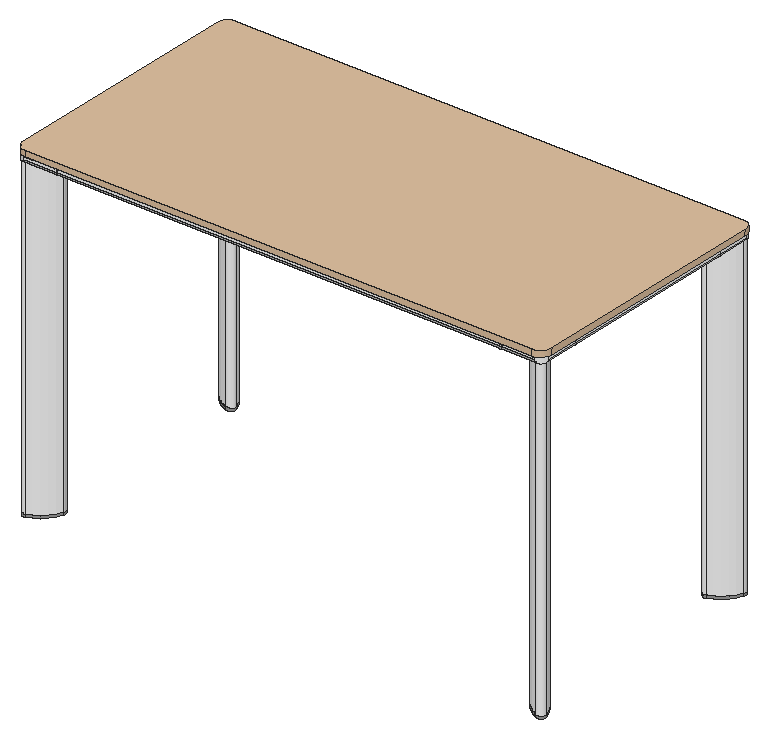
Revit family "FU_Table_Sandler_Laminar 0612", category Furniture, Revit 2020
Family settings
  OmniClass Number = 23.40.20.00
  OmniClass Title = General Furniture and Specialties
  Work Plane-Based = No
  Always vertical = Yes
  Cut with Voids When Loaded = No
  Shared = No
  Room Calculation Point = No
Parameters (values of type "Laminar 0612 (Dining Height)")
  Width = 1200 mm
  URL = "https://www.sandlerseating.com/product/laminar-0612/"
  Top [instance] = Wood - Oak - Natural - V
  Model = "Laminar 0612"
  Manufacturer = "Sandler"
  Height = 750 mm
  Frame [instance] = Lacquer - W1 - W01 White
  Description = "60cm x 120cm / 24″ x 48″ table on epoxy painted frame."
  Depth = 600 mm
  Default Elevation = 0 mm
Types (4, lengths in mm): name | Top | Height | Frame
  (no name) | Wood - Oak - Natural - V | 750 | Lacquer - W1 - W01 White
  Laminar 0612 (Dining Height) | Wood - Oak - Natural - V | 750 | Lacquer - W1 - W01 White
  Laminar 0612 (Counter Height) | Wood - Black Walnut | 900 | Epoxy - M2_V16
  Laminar 0612 (Bar Height) | HPL - Solid - White | 1050 | Epoxy - M1_B00 - Black
Reference planes
  plane 1 "Center (Front/Back)": y = 0
  plane 2: z = 0
  plane 3 "Center (Left/Right)": x = 0
  plane 4 "Right": x = -600
  plane 5 "Left": x = 600
  plane 6 "Back": y = 300
  plane 7 "Front": y = -300
  plane 8 "Height": z = 750
  plane 9 "Top Frame Base": z = 737
  plane 10 "Frame Edge Right TOP": x = -505
  plane 11 "Frame Edge Left TOP": x = 505
  plane 12 "Frame Edge Front TOP": y = -205
  plane 13 "Frame Edge Back TOP": y = 205
  plane 14 "Right Leg C TOP": x = -562.984
  plane 15 "Back Leg C TOP": y = 262.984
  plane 16 "Front Leg C TOP": y = -262.984
  plane 17 "Left C TOP": x = 562.984
  plane 18 "Glide Height": z = 6
  plane 19 "Frame Base FRONT": z = 696.108
Forms (mm)
  Extrusion 1, solid, material "Wood - Oak - Natural - V" <- "Top"
    sketch origin (0, 0, 750) x (-1, 0, 0) y (0, -1, 0)
      loop
        arc (575, -300) -> (592.678, -292.678) -> (600, -275) r 25
        line (600, -275) -> (600, 275)
        arc (600, 275) -> (592.678, 292.678) -> (575, 300) r 25
        line (575, 300) -> (-575, 300)
        arc (-575, 300) -> (-592.678, 292.678) -> (-600, 275) r 25
        line (-600, 275) -> (-600, -275)
        arc (-600, -275) -> (-592.678, -292.678) -> (-575, -300) r 25
        line (-575, -300) -> (575, -300)
    from 0 to -13
  Sweep 2, solid, material "Lacquer - W1 - W01 White" <- "Frame"
    path origin (0, 0, 737) x (-1, 0, 0) y (0, -1, 0)
      loop
        line (-505, 300) -> (505, 300)
    profile "Pro_Laminar_Frame : Pro_Laminar_Frame" origin (0, -300, 737) x (0, -1, 0) y (0, 0, 1)
      loop
        arc (-78.25, 0) -> (-78.959, -0.294) -> (-79.252, -1.003) r 1.003
        line (-79.252, -1.003) -> (-79.252, -40.038)
        arc (-79.252, -40.038) -> (-78.971, -40.718) -> (-78.29, -41) r 0.962
        line (-78.29, -41) -> (-56.47, -41)
        arc (-56.47, -41) -> (-49.536, -40.019) -> (-43.146, -37.154) r 25
        line (-43.146, -37.154) -> (-3.835, -12.393)
        arc (-3.835, -12.393) -> (-2.123, -10.579) -> (-1.5, -8.162) r 5
        line (-1.5, -8.162) -> (-1.5, -0.534)
        arc (-1.5, -0.534) -> (-1.656, -0.156) -> (-2.034, 0) r 0.534
        line (-2.034, 0) -> (-78.25, 0)
  Sweep 3, solid, material "Lacquer - W1 - W01 White" <- "Frame"
    path origin (0, 0, 737) x (-1, 0, 0) y (0, -1, 0)
      loop
        line (600, 205) -> (600, -205)
    profile "Pro_Laminar_Frame : Pro_Laminar_Frame" origin (-600, 0, 737) x (-1, 0, 0) y (0, 0, 1)
      loop
        arc (-78.25, 0) -> (-78.959, -0.294) -> (-79.252, -1.003) r 1.003
        line (-79.252, -1.003) -> (-79.252, -40.038)
        arc (-79.252, -40.038) -> (-78.971, -40.718) -> (-78.29, -41) r 0.962
        line (-78.29, -41) -> (-56.47, -41)
        arc (-56.47, -41) -> (-49.536, -40.019) -> (-43.146, -37.154) r 25
        line (-43.146, -37.154) -> (-3.835, -12.393)
        arc (-3.835, -12.393) -> (-2.123, -10.579) -> (-1.5, -8.162) r 5
        line (-1.5, -8.162) -> (-1.5, -0.534)
        arc (-1.5, -0.534) -> (-1.656, -0.156) -> (-2.034, 0) r 0.534
        line (-2.034, 0) -> (-78.25, 0)
  Sweep 4, solid, material "Lacquer - W1 - W01 White" <- "Frame"
    path origin (0, 0, 737) x (-1, 0, 0) y (0, -1, 0)
      loop
        line (505, -300) -> (-505, -300)
    profile "Pro_Laminar_Frame : Pro_Laminar_Frame" origin (0, 300, 737) x (0, 1, 0) y (0, 0, 1)
      loop
        arc (-78.25, 0) -> (-78.959, -0.294) -> (-79.252, -1.003) r 1.003
        line (-79.252, -1.003) -> (-79.252, -40.038)
        arc (-79.252, -40.038) -> (-78.971, -40.718) -> (-78.29, -41) r 0.962
        line (-78.29, -41) -> (-56.47, -41)
        arc (-56.47, -41) -> (-49.536, -40.019) -> (-43.146, -37.154) r 25
        line (-43.146, -37.154) -> (-3.835, -12.393)
        arc (-3.835, -12.393) -> (-2.123, -10.579) -> (-1.5, -8.162) r 5
        line (-1.5, -8.162) -> (-1.5, -0.534)
        arc (-1.5, -0.534) -> (-1.656, -0.156) -> (-2.034, 0) r 0.534
        line (-2.034, 0) -> (-78.25, 0)
  Sweep 5, solid, material "Lacquer - W1 - W01 White" <- "Frame"
    path origin (0, 0, 737) x (-1, 0, 0) y (0, -1, 0)
      loop
        line (-600, 205) -> (-600, -205)
    profile "Pro_Laminar_Frame : Pro_Laminar_Frame" origin (600, 0, 737) x (-1, 0, 0) y (0, 0, 1)
      loop
        line (78.25, 0) -> (2.034, 0)
        arc (2.034, 0) -> (1.656, -0.156) -> (1.5, -0.534) r 0.534
        line (1.5, -0.534) -> (1.5, -8.162)
        arc (1.5, -8.162) -> (2.123, -10.579) -> (3.835, -12.393) r 5
        line (3.835, -12.393) -> (43.146, -37.154)
        arc (43.146, -37.154) -> (49.536, -40.019) -> (56.47, -41) r 25
        line (56.47, -41) -> (78.29, -41)
        arc (78.29, -41) -> (78.971, -40.718) -> (79.252, -40.038) r 0.962
        line (79.252, -40.038) -> (79.252, -1.003)
        arc (79.252, -1.003) -> (78.959, -0.294) -> (78.25, 0) r 1.003
  Sweep 6, solid, material "Lacquer - W1 - W01 White" <- "Frame"
    path origin (0, 262.984, 0) x (1, 0, 0) y (0, 0, 1)
      loop
        line (-562.984, 6) -> (-562.984, 737)
    profile "Pro_Laminar_Leg : Pro_Laminar_Leg" origin (-562.984, 262.984, 371.5) x (-1, 0, 0) y (0, -1, 0)
      loop
        arc (-16.792, 30.86) -> (-28.302, 28.302) -> (-30.86, 16.792) r 10.982
        arc (-30.86, 16.792) -> (-12.33, -12.33) -> (16.792, -30.86) r 79.547
        arc (16.792, -30.86) -> (28.302, -28.302) -> (30.86, -16.792) r 10.982
        arc (30.86, -16.792) -> (12.33, 12.33) -> (-16.792, 30.86) r 79.547
  Sweep 7, solid, material "Lacquer - W1 - W01 White" <- "Frame"
    path origin (0, -262.984, 0) x (1, 0, 0) y (0, 0, 1)
      loop
        line (-562.984, 6) -> (-562.984, 737)
    profile "Pro_Laminar_Leg : Pro_Laminar_Leg" origin (-562.984, -262.984, 371.5) x (-1, 0, 0) y (0, -1, 0)
      loop
        arc (-30.86, -16.792) -> (-28.302, -28.302) -> (-16.792, -30.86) r 10.982
        arc (-16.792, -30.86) -> (12.33, -12.33) -> (30.86, 16.792) r 79.547
        arc (30.86, 16.792) -> (28.302, 28.302) -> (16.792, 30.86) r 10.982
        arc (16.792, 30.86) -> (-12.33, 12.33) -> (-30.86, -16.792) r 79.547
  Sweep 8, solid, material "Lacquer - W1 - W01 White" <- "Frame"
    path origin (0, -262.984, 0) x (1, 0, 0) y (0, 0, 1)
      loop
        line (562.984, 6) -> (562.984, 737)
    profile "Pro_Laminar_Leg : Pro_Laminar_Leg" origin (562.984, -262.984, 371.5) x (-1, 0, 0) y (0, -1, 0)
      loop
        arc (-16.792, 30.86) -> (-28.302, 28.302) -> (-30.86, 16.792) r 10.982
        arc (-30.86, 16.792) -> (-12.33, -12.33) -> (16.792, -30.86) r 79.547
        arc (16.792, -30.86) -> (28.302, -28.302) -> (30.86, -16.792) r 10.982
        arc (30.86, -16.792) -> (12.33, 12.33) -> (-16.792, 30.86) r 79.547
  Sweep 9, solid, material "Lacquer - W1 - W01 White" <- "Frame"
    path origin (0, 262.984, 0) x (1, 0, 0) y (0, 0, 1)
      loop
        line (562.984, 6) -> (562.984, 737)
    profile "Pro_Laminar_Leg : Pro_Laminar_Leg" origin (562.984, 262.984, 371.5) x (-1, 0, 0) y (0, -1, 0)
      loop
        arc (-30.86, -16.792) -> (-28.302, -28.302) -> (-16.792, -30.86) r 10.982
        arc (-16.792, -30.86) -> (12.33, -12.33) -> (30.86, 16.792) r 79.547
        arc (30.86, 16.792) -> (28.302, 28.302) -> (16.792, 30.86) r 10.982
        arc (16.792, 30.86) -> (-12.33, 12.33) -> (-30.86, -16.792) r 79.547
  Sweep 10, solid, material "Rubber, Black"
    path origin (0, 262.984, 0) x (1, 0, 0) y (0, 0, 1)
      loop
        line (562.984, 0) -> (562.984, 6)
    profile "Pro_Laminar_Leg : Pro_Laminar_Leg" origin (562.984, 262.984, 3) x (-1, 0, 0) y (0, -1, 0)
      loop
        arc (-30.86, -16.792) -> (-28.302, -28.302) -> (-16.792, -30.86) r 10.982
        arc (-16.792, -30.86) -> (12.33, -12.33) -> (30.86, 16.792) r 79.547
        arc (30.86, 16.792) -> (28.302, 28.302) -> (16.792, 30.86) r 10.982
        arc (16.792, 30.86) -> (-12.33, 12.33) -> (-30.86, -16.792) r 79.547
  Sweep 11, solid, material "Rubber, Black"
    path origin (0, 262.984, 0) x (1, 0, 0) y (0, 0, 1)
      loop
        line (-562.984, 0) -> (-562.984, 6)
    profile "Pro_Laminar_Leg : Pro_Laminar_Leg" origin (-562.984, 262.984, 3) x (-1, 0, 0) y (0, -1, 0)
      loop
        arc (-16.792, 30.86) -> (-28.302, 28.302) -> (-30.86, 16.792) r 10.982
        arc (-30.86, 16.792) -> (-12.33, -12.33) -> (16.792, -30.86) r 79.547
        arc (16.792, -30.86) -> (28.302, -28.302) -> (30.86, -16.792) r 10.982
        arc (30.86, -16.792) -> (12.33, 12.33) -> (-16.792, 30.86) r 79.547
  Sweep 12, solid, material "Rubber, Black"
    path origin (0, -262.984, 0) x (1, 0, 0) y (0, 0, 1)
      loop
        line (-562.984, 0) -> (-562.984, 6)
    profile "Pro_Laminar_Leg : Pro_Laminar_Leg" origin (-562.984, -262.984, 3) x (-1, 0, 0) y (0, -1, 0)
      loop
        arc (-30.86, -16.792) -> (-28.302, -28.302) -> (-16.792, -30.86) r 10.982
        arc (-16.792, -30.86) -> (12.33, -12.33) -> (30.86, 16.792) r 79.547
        arc (30.86, 16.792) -> (28.302, 28.302) -> (16.792, 30.86) r 10.982
        arc (16.792, 30.86) -> (-12.33, 12.33) -> (-30.86, -16.792) r 79.547
  Sweep 13, solid, material "Rubber, Black"
    path origin (0, -262.984, 0) x (1, 0, 0) y (0, 0, 1)
      loop
        line (562.984, 0) -> (562.984, 6)
    profile "Pro_Laminar_Leg : Pro_Laminar_Leg" origin (562.984, -262.984, 3) x (-1, 0, 0) y (0, -1, 0)
      loop
        arc (-16.792, 30.86) -> (-28.302, 28.302) -> (-30.86, 16.792) r 10.982
        arc (-30.86, 16.792) -> (-12.33, -12.33) -> (16.792, -30.86) r 79.547
        arc (16.792, -30.86) -> (28.302, -28.302) -> (30.86, -16.792) r 10.982
        arc (30.86, -16.792) -> (12.33, 12.33) -> (-16.792, 30.86) r 79.547
  Sweep 14, solid, material "Lacquer - W1 - W01 White" <- "Frame"
    path origin (0, 0, 737) x (-1, 0, 0) y (0, -1, 0)
      loop
        line (-505, 298.5) -> (-598.5, 298.5) -> (-598.5, 205)
    profile "Pro_Laminar_Frame : Pro_Laminar_Frame" origin (551.75, -298.5, 737) x (0, 1, 0) y (0, 0, 1)
      loop
        line (76.75, 0) -> (0.534, 0)
        arc (0.534, 0) -> (0.156, -0.156) -> (0, -0.534) r 0.534
        line (0, -0.534) -> (0, -8.162)
        arc (0, -8.162) -> (0.623, -10.579) -> (2.335, -12.393) r 5
        line (2.335, -12.393) -> (41.646, -37.154)
        arc (41.646, -37.154) -> (48.036, -40.019) -> (54.97, -41) r 25
        line (54.97, -41) -> (76.79, -41)
        arc (76.79, -41) -> (77.471, -40.718) -> (77.752, -40.038) r 0.962
        line (77.752, -40.038) -> (77.752, -1.003)
        arc (77.752, -1.003) -> (77.459, -0.294) -> (76.75, 0) r 1.003
  Extrusion 15, void
    sketch origin (0, 0, 737) x (-1, 0, 0) y (0, -1, 0)
      loop
        line (-574.12, 299.12) -> (-574.12, 314.12) -> (-614.12, 314.12) -> (-614.12, 274.12) -> (-599.12, 274.12)
        arc (-599.12, 274.12) -> (-591.798, 291.798) -> (-574.12, 299.12) r 25
    from -40.892 to 13
  Sweep 16, solid, material "Lacquer - W1 - W01 White" <- "Frame"
    path origin (0, 0, 737) x (1, 0, 0) y (0, -1, 0)
      loop
        line (-505, 298.5) -> (-598.5, 298.5) -> (-598.5, 205)
    profile "Pro_Laminar_Frame : Pro_Laminar_Frame" origin (-551.75, -298.5, 737) x (0, -1, 0) y (0, 0, 1)
      loop
        arc (-76.75, 0) -> (-77.459, -0.294) -> (-77.752, -1.003) r 1.003
        line (-77.752, -1.003) -> (-77.752, -40.038)
        arc (-77.752, -40.038) -> (-77.471, -40.718) -> (-76.79, -41) r 0.962
        line (-76.79, -41) -> (-54.97, -41)
        arc (-54.97, -41) -> (-48.036, -40.019) -> (-41.646, -37.154) r 25
        line (-41.646, -37.154) -> (-2.335, -12.393)
        arc (-2.335, -12.393) -> (-0.623, -10.579) -> (0, -8.162) r 5
        line (0, -8.162) -> (0, -0.534)
        arc (0, -0.534) -> (-0.156, -0.156) -> (-0.534, 0) r 0.534
        line (-0.534, 0) -> (-76.75, 0)
  Sweep 17, solid, material "Lacquer - W1 - W01 White" <- "Frame"
    path origin (0, 0, 737) x (1, 0, 0) y (0, 1, 0)
      loop
        line (-505, 298.5) -> (-598.5, 298.5) -> (-598.5, 205)
    profile "Pro_Laminar_Frame : Pro_Laminar_Frame" origin (-551.75, 298.5, 737) x (0, -1, 0) y (0, 0, 1)
      loop
        line (76.75, 0) -> (0.534, 0)
        arc (0.534, 0) -> (0.156, -0.156) -> (0, -0.534) r 0.534
        line (0, -0.534) -> (0, -8.162)
        arc (0, -8.162) -> (0.623, -10.579) -> (2.335, -12.393) r 5
        line (2.335, -12.393) -> (41.646, -37.154)
        arc (41.646, -37.154) -> (48.036, -40.019) -> (54.97, -41) r 25
        line (54.97, -41) -> (76.79, -41)
        arc (76.79, -41) -> (77.471, -40.718) -> (77.752, -40.038) r 0.962
        line (77.752, -40.038) -> (77.752, -1.003)
        arc (77.752, -1.003) -> (77.459, -0.294) -> (76.75, 0) r 1.003
  Sweep 18, solid, material "Lacquer - W1 - W01 White" <- "Frame"
    path origin (0, 0, 737) x (-1, 0, 0) y (0, 1, 0)
      loop
        line (-505, 298.5) -> (-598.5, 298.5) -> (-598.5, 205)
    profile "Pro_Laminar_Frame : Pro_Laminar_Frame" origin (551.75, 298.5, 737) x (0, 1, 0) y (0, 0, 1)
      loop
        arc (-76.75, 0) -> (-77.459, -0.294) -> (-77.752, -1.003) r 1.003
        line (-77.752, -1.003) -> (-77.752, -40.038)
        arc (-77.752, -40.038) -> (-77.471, -40.718) -> (-76.79, -41) r 0.962
        line (-76.79, -41) -> (-54.97, -41)
        arc (-54.97, -41) -> (-48.036, -40.019) -> (-41.646, -37.154) r 25
        line (-41.646, -37.154) -> (-2.335, -12.393)
        arc (-2.335, -12.393) -> (-0.623, -10.579) -> (0, -8.162) r 5
        line (0, -8.162) -> (0, -0.534)
        arc (0, -0.534) -> (-0.156, -0.156) -> (-0.534, 0) r 0.534
        line (-0.534, 0) -> (-76.75, 0)
  Extrusion 19, void
    sketch origin (0, 0, 737) x (1, 0, 0) y (0, 1, 0)
      loop
        arc (-574.12, -299.12) -> (-591.798, -291.798) -> (-599.12, -274.12) r 25
        line (-599.12, -274.12) -> (-614.12, -274.12) -> (-614.12, -314.12) -> (-574.12, -314.12) -> (-574.12, -299.12)
    from -40.892 to 13
  Extrusion 20, void
    sketch origin (0, 0, 737) x (1, 0, 0) y (0, 1, 0)
      loop
        line (-574.12, 299.12) -> (-574.12, 314.12) -> (-614.12, 314.12) -> (-614.12, 274.12) -> (-599.12, 274.12)
        arc (-599.12, 274.12) -> (-591.798, 291.798) -> (-574.12, 299.12) r 25
    from -40.892 to 13
  Extrusion 21, void
    sketch origin (0, 0, 737) x (-1, 0, 0) y (0, -1, 0)
      loop
        arc (-574.12, -299.12) -> (-591.798, -291.798) -> (-599.12, -274.12) r 25
        line (-599.12, -274.12) -> (-614.12, -274.12) -> (-614.12, -314.12) -> (-574.12, -314.12) -> (-574.12, -299.12)
    from -40.892 to 13
Cuts and joins
  Extrusion 20 cuts Sweep 17
  Extrusion 21 cuts Sweep 18
  Extrusion 15 cuts Sweep 14
  Extrusion 19 cuts Sweep 16
Dimensions and locks
  equal spacing: plane 4 "Right", plane 3 "Center (Left/Right)", plane 5 "Left"
  "Width": plane 4 "Right" to plane 5 "Left"
  equal spacing: plane 6 "Back", plane 1 "Center (Front/Back)", plane 7 "Front"
  "Depth": plane 6 "Back" to plane 7 "Front"
  "Height": plane 8 "Height" to level
  locked: plane 8 "Height" to plane 9 "Top Frame Base" at 13
  plane 4 "Right" to plane 14 "Right Leg C TOP" to plane 10 "Frame Edge Right TOP" = 37.016 mm locked, 57.984 mm locked
  plane 12 "Frame Edge Front TOP" to plane 16 "Front Leg C TOP" to plane 7 "Front" = 57.984 mm locked, 37.016 mm locked
  plane 6 "Back" to plane 15 "Back Leg C TOP" to plane 13 "Frame Edge Back TOP" = 37.016 mm locked, 57.984 mm locked
  plane 11 "Frame Edge Left TOP" to plane 17 "Left C TOP" to plane 5 "Left" = 57.984 mm locked, 37.016 mm locked
  locked: plane 18 "Glide Height" to plane 2 at 6
  aligned and locked: level to plane 2
  aligned and locked: plane 10 "Frame Edge Right TOP" to Sweep 2 sketch curve
  aligned and locked: plane 11 "Frame Edge Left TOP" to Sweep 2 sketch curve
  aligned and locked: plane 13 "Frame Edge Back TOP" to Sweep 3 sketch curve
  aligned and locked: plane 4 "Right" to Sweep 3 sketch curve
  aligned and locked: plane 10 "Frame Edge Right TOP" to Sweep 4 sketch curve
  aligned and locked: plane 11 "Frame Edge Left TOP" to Sweep 4 sketch curve
  aligned and locked: plane 13 "Frame Edge Back TOP" to Sweep 5 sketch curve
  aligned and locked: plane 12 "Frame Edge Front TOP" to Sweep 5 sketch curve
  aligned and locked: Extrusion 1 sketch curve to plane 4 "Right"
  aligned and locked: Extrusion 1 sketch curve to plane 6 "Back"
  aligned and locked: plane 7 "Front" to Extrusion 1 sketch curve
  aligned and locked: plane 5 "Left" to Extrusion 1 sketch curve
  aligned and locked: plane 9 "Top Frame Base" to Sweep 6 sketch curve
  aligned and locked: plane 18 "Glide Height" to Sweep 6 sketch curve
  aligned and locked: plane 9 "Top Frame Base" to Sweep 7 sketch curve
  aligned and locked: plane 18 "Glide Height" to Sweep 7 sketch curve
  aligned and locked: plane 9 "Top Frame Base" to Sweep 8 sketch curve
  aligned and locked: plane 18 "Glide Height" to Sweep 8 sketch curve
  aligned and locked: plane 9 "Top Frame Base" to Sweep 9 sketch curve
  aligned and locked: plane 18 "Glide Height" to Sweep 9 sketch curve
  aligned and locked: plane 18 "Glide Height" to Sweep 10 sketch curve
  aligned and locked: plane 2 to Sweep 10 sketch curve
  aligned and locked: plane 18 "Glide Height" to Sweep 11 sketch curve
  aligned and locked: plane 2 to Sweep 11 sketch curve
  aligned and locked: plane 2 to Sweep 12 sketch curve
  aligned and locked: plane 18 "Glide Height" to Sweep 12 sketch curve
  aligned and locked: plane 2 to Sweep 13 sketch curve
  aligned and locked: plane 18 "Glide Height" to Sweep 13 sketch curve
  aligned and locked: Extrusion 15 to plane 19 "Frame Base FRONT"
  aligned and locked: plane 8 "Height" to Extrusion 15
  aligned and locked: Sweep 18 to plane 11 "Frame Edge Left TOP"
  aligned and locked: Sweep 18 to plane 13 "Frame Edge Back TOP"
  aligned and locked: Sweep 14 to plane 12 "Frame Edge Front TOP"
  aligned and locked: Sweep 14 to plane 11 "Frame Edge Left TOP"
  aligned and locked: Sweep 16 to plane 10 "Frame Edge Right TOP"
  aligned and locked: Sweep 16 to plane 12 "Frame Edge Front TOP"
  aligned and locked: Sweep 17 to plane 13 "Frame Edge Back TOP"
  aligned and locked: Sweep 17 to plane 10 "Frame Edge Right TOP"
Automatic sketch dimensions
  Extrusion 1 sketch curve to plane 15 "Back Leg C TOP" = 12.016 mm
  Extrusion 1 sketch curve to plane 17 "Left C TOP" = 12.016 mm
  plane 14 "Right Leg C TOP" to Extrusion 1 sketch curve = 12.016 mm  (x2)
  Sweep 2 sketch curve to plane 7 "Front" = 0 mm
  plane 12 "Frame Edge Front TOP" to Sweep 3 sketch curve = 0 mm
  Sweep 4 sketch curve to plane 6 "Back" = 0 mm
  Sweep 5 sketch curve to plane 5 "Left" = 0 mm
  plane 14 "Right Leg C TOP" to Sweep 6 sketch curve = 0 mm
  plane 14 "Right Leg C TOP" to Sweep 7 sketch curve = 0 mm
  plane 17 "Left C TOP" to Sweep 8 sketch curve = 0 mm
  plane 17 "Left C TOP" to Sweep 9 sketch curve = 0 mm
  plane 17 "Left C TOP" to Sweep 10 sketch curve = 0 mm
  plane 14 "Right Leg C TOP" to Sweep 11 sketch curve = 0 mm
  plane 14 "Right Leg C TOP" to Sweep 12 sketch curve = 0 mm
  plane 17 "Left C TOP" to Sweep 13 sketch curve = 0 mm
  plane 12 "Frame Edge Front TOP" to Sweep 14 sketch curve = 0 mm
  Sweep 14 sketch curve to plane 11 "Frame Edge Left TOP" = 0 mm
  plane 5 "Left" to Sweep 14 sketch curve = 1.5 mm
  plane 7 "Front" to Sweep 14 sketch curve = 1.5 mm
  Extrusion 15 sketch curve to plane 5 "Left" = 14.12 mm
  plane 5 "Left" to Extrusion 15 sketch curve = 0.88 mm
  plane 7 "Front" to Extrusion 15 sketch curve = 0.88 mm
  Extrusion 15 sketch curve to plane 17 "Left C TOP" = 11.136 mm
  Extrusion 15 sketch curve to plane 7 "Front" = 14.12 mm
  plane 12 "Frame Edge Front TOP" to Sweep 16 sketch curve = 0 mm
  Sweep 16 sketch curve to plane 10 "Frame Edge Right TOP" = 0 mm
  plane 4 "Right" to Sweep 16 sketch curve = 1.5 mm
  Sweep 16 sketch curve to plane 7 "Front" = 1.5 mm
  Sweep 17 sketch curve to plane 13 "Frame Edge Back TOP" = 0 mm
  Sweep 17 sketch curve to plane 10 "Frame Edge Right TOP" = 0 mm
  Sweep 17 sketch curve to plane 4 "Right" = 1.5 mm
  Sweep 17 sketch curve to plane 6 "Back" = 1.5 mm
  Sweep 18 sketch curve to plane 13 "Frame Edge Back TOP" = 0 mm
  Sweep 18 sketch curve to plane 11 "Frame Edge Left TOP" = 0 mm
  Sweep 18 sketch curve to plane 5 "Left" = 1.5 mm
  plane 6 "Back" to Sweep 18 sketch curve = 1.5 mm
  Extrusion 19 sketch curve to plane 4 "Right" = 14.12 mm
  plane 4 "Right" to Extrusion 19 sketch curve = 0.88 mm
  Extrusion 19 sketch curve to plane 7 "Front" = 0.88 mm
  Extrusion 19 sketch curve to plane 14 "Right Leg C TOP" = 11.136 mm
  plane 7 "Front" to Extrusion 19 sketch curve = 14.12 mm
  plane 4 "Right" to Extrusion 20 sketch curve = 14.12 mm
  Extrusion 20 sketch curve to plane 4 "Right" = 0.88 mm
  Extrusion 20 sketch curve to plane 6 "Back" = 0.88 mm
  plane 14 "Right Leg C TOP" to Extrusion 20 sketch curve = 11.136 mm
  plane 6 "Back" to Extrusion 20 sketch curve = 14.12 mm
  plane 5 "Left" to Extrusion 21 sketch curve = 14.12 mm
  Extrusion 21 sketch curve to plane 5 "Left" = 0.88 mm
  plane 6 "Back" to Extrusion 21 sketch curve = 0.88 mm
  plane 17 "Left C TOP" to Extrusion 21 sketch curve = 11.136 mm
  Extrusion 21 sketch curve to plane 6 "Back" = 14.12 mm
